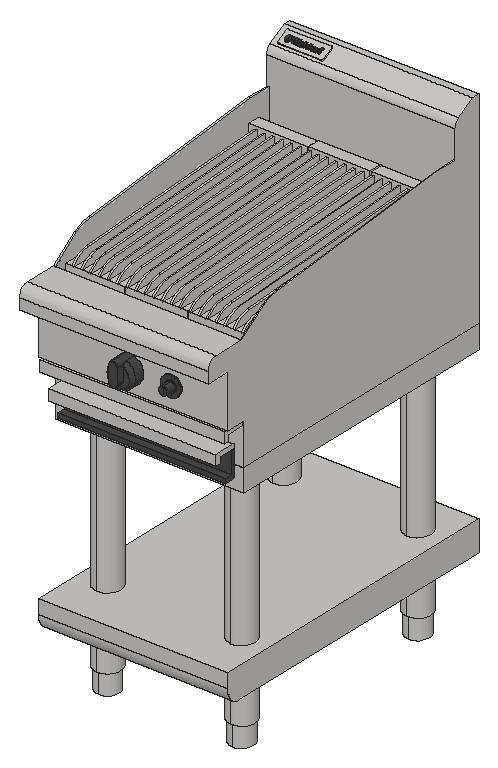
Revit family "QF_MOFFAT WALDORF_CH8450G-LS", category Specialty Equipment, Revit 2012
Parameters
  Weight in Pounds = 0
  URL Cutsheet = "www.moffat.com"
  URL = "www.moffat.com"
  Type Mark [instance] = ""
  Status [instance] = ""
  Specification by User [instance] = ""
  Specification by Manufacturer = ""
  Show Logo [instance] = yes
  Serial Number = ""
  Seismic Rating = ""
  SMACNA No = ""
  Revision Code [instance] = ""
  Omniclass Number and Title = ""
  NAFEM Spec ID Number = ""
  Model = "CH8450G-LS"
  Mechanical Remarks [instance] = ""
  Mechanical Connection Type [instance] = ""
  Masterspec = ""
  Manufacturer = "MOFFAT WALDORF"
  Item Number [instance] = ""
  Installed By [instance] = ""
  Identify Quantity as Lot [instance] = yes
  Gas Size = 3/4"
  Gas RI Height [instance] = 0 mm
  Gas KW [instance] = 14
  Gas Input [instance] = 45495.0 Btu/h
  Gas Connection Height = 0 mm
  Furnished By [instance] = ""
  Foodservice Equipment Identifier [instance] = yes
  Description = "CHARGRILL ON LEG STAND"
  CSI MasterFormat = ""
  CSI Master Format = ""
  Body Finish = QF_Finishes_Stainless Steel
Reference planes
  plane 1 "BACK": y = 0
  plane 2: z = 0
  plane 3 "LEFT": x = 0
  plane 4 "RIGHT": x = 450
  plane 5 "FRONT": y = -805
  plane 6 "TOP": z = 1130
  plane 7 "Center Y": x = 225
  plane 8 "Center X": y = -402.5
Forms (mm)
  Extrusion 1, solid, material "QF_Finishes_Stainless Steel" <- "Body Finish"
    sketch origin (0, 0, 0) x (0, 1, 0) y (0, 0, 1)
      loop
        line (0, 222.5) -> (-749, 222.5) -> (-749, 188)
        arc (-749, 188) -> (-737.87, 161.13) -> (-711, 150) r 38
        line (-711, 150) -> (0, 150) -> (0, 222.5)
      loop
        line (-805, 891) -> (-805, 866) -> (-749, 866) -> (-749, 740) -> (-699, 740) -> (-699, 640) -> (0, 640) -> (0, 1130) -> (-16.5, 1130) -> (-58.709, 1105.631)
        arc (-58.709, 1105.631) -> (-66.975, 1097.365) -> (-70, 1086.074) r 22.582
        line (-70, 1086.074) -> (-70, 875) -> (-705, 875) -> (-705, 915) -> (-781, 915)
        arc (-781, 915) -> (-797.971, 907.971) -> (-805, 891) r 24
      loop
        line (0, 585) -> (0, 639.206) -> (-699, 639.206) -> (-699, 585) -> (0, 585)
    from 0 to 450
  Revolve 2, solid, material "QF_Finishes_Stainless Steel" <- "Body Finish"
    sketch origin (385, -735, 0) x (0, 1, 0) y (0, 0, -1)
      loop
        line (78.25, -150) -> (110, -150) -> (110, 0) -> (82.5, 0) -> (82.5, -50) -> (78.25, -50) -> (78.25, -150)
      loop
        line (78.25, -222.5) -> (78.25, -585) -> (110, -585) -> (110, -222.5) -> (78.25, -222.5)
      axis (110, -585) -> (110, 0)
    angle from 0 to 360
  Revolve 3, solid, material "QF_Finishes_Stainless Steel" <- "Body Finish"
    sketch origin (385, -210, 0) x (0, 1, 0) y (0, 0, -1)
      loop
        line (78.25, -150) -> (110, -150) -> (110, 0) -> (82.5, 0) -> (82.5, -50) -> (78.25, -50) -> (78.25, -150)
      loop
        line (78.25, -222.5) -> (78.25, -585) -> (110, -585) -> (110, -222.5) -> (78.25, -222.5)
      axis (110, -585) -> (110, 0)
    angle from 0 to 360
  Revolve 4, solid, material "QF_Finishes_Stainless Steel" <- "Body Finish"
    sketch origin (65, -735, 0) x (0, 1, 0) y (0, 0, 1)
      loop
        line (78.25, 150) -> (78.25, 50) -> (82.5, 50) -> (82.5, 0) -> (110, 0) -> (110, 150) -> (78.25, 150)
      loop
        line (78.25, 222.5) -> (110, 222.5) -> (110, 585) -> (78.25, 585) -> (78.25, 222.5)
      axis (110, 585) -> (110, 0)
    angle from 0 to 360
  Revolve 5, solid, material "QF_Finishes_Stainless Steel" <- "Body Finish"
    sketch origin (65, -210, 0) x (0, 1, 0) y (0, 0, 1)
      loop
        line (78.25, 150) -> (78.25, 50) -> (82.5, 50) -> (82.5, 0) -> (110, 0) -> (110, 150) -> (78.25, 150)
      loop
        line (78.25, 222.5) -> (110, 222.5) -> (110, 585) -> (78.25, 585) -> (78.25, 222.5)
      axis (110, 585) -> (110, 0)
    angle from 0 to 360
  Extrusion 6, solid, material "QF_Finishes_Stainless Steel" <- "Body Finish"
    sketch origin (0, 0, 0) x (0, 1, 0) y (0, 0, 1)
      loop
        line (-121.455, 1019.2) -> (-600.057, 973.116)
        arc (-600.057, 973.116) -> (-620.977, 968.81) -> (-640.506, 960.159) r 100
        line (-640.506, 960.159) -> (-705, 915) -> (-705, 875) -> (-70, 875) -> (-70, 1019.2) -> (-121.455, 1019.2)
    from 0 to 4.5
  Extrusion 7, solid, material "QF_Finishes_Stainless Steel" <- "Body Finish"
    sketch origin (450, 0, 0) x (0, 1, 0) y (0, 0, -1)
      loop
        line (-121.455, -1019.2) -> (-70, -1019.2) -> (-70, -875) -> (-705, -875) -> (-705, -915) -> (-640.506, -960.159)
        arc (-640.506, -960.159) -> (-620.977, -968.81) -> (-600.057, -973.116) r 100
        line (-600.057, -973.116) -> (-121.455, -1019.2)
    from 0 to 3
  Revolve 8, solid, material "QF_Finishes_Black"
    sketch origin (225, 0, 0) x (0, 1, 0) y (0, 0, 1)
      loop
        line (-782, 829.5) -> (-793, 823.651) -> (-793, 797) -> (-749, 797) -> (-749, 802) -> (-759, 802) -> (-759, 829.5) -> (-782, 829.5)
      axis (-793, 797) -> (-749, 797)
    angle from 0 to 360
  Extrusion 9, solid, material "QF_Finishes_Black"
    sketch origin (86.887, 0, 0) x (1, 0, 0) y (0, 0, 1)
      loop
        line (148.3, 789) -> (148.3, 824)
        arc (148.3, 824) -> (138.3, 834) -> (128.3, 824) r 10
        line (128.3, 824) -> (128.3, 789)
        arc (128.3, 789) -> (138.3, 779) -> (148.3, 789) r 10
    from 759 to 808
  Revolve 10, solid, material "QF_Finishes_Black"
    sketch origin (325.187, 0, 0) x (0, 1, 0) y (0, 0, 1)
      loop
        line (-759, 802) -> (-759, 821) -> (-761.705, 821) -> (-761.705, 809.85) -> (-762.85, 809.85) -> (-762.85, 806.825) -> (-784.88, 806.825) -> (-784.88, 797) -> (-749, 797) -> (-749, 802) -> (-759, 802)
      axis (-749, 797) -> (-784.88, 797)
    angle from 0 to 360
  Extrusion 11, solid, material "QF_Finishes_Stainless Steel"
    sketch origin (276, 0, 0) x (0, 1, 0) y (0, 0, 1)
      loop
        line (-132, 910.364) -> (-132, 962.849) -> (-630.852, 932.53)
        arc (-630.852, 932.53) -> (-656.098, 925.97) -> (-677, 910.364) r 67.81
        line (-677, 910.364) -> (-132, 910.364)
    from 0 to 4.5
  Extrusion 12, solid, material "QF_Finishes_Stainless Steel"
    sketch origin (255, 0, 0) x (0, 1, 0) y (0, 0, 1)
      loop
        line (-132, 910.364) -> (-132, 962.849) -> (-630.852, 932.53)
        arc (-630.852, 932.53) -> (-656.098, 925.97) -> (-677, 910.364) r 67.81
        line (-677, 910.364) -> (-132, 910.364)
    from 0 to 4.5
  Extrusion 13, solid, material "QF_Finishes_Stainless Steel"
    sketch origin (234, 0, 0) x (0, 1, 0) y (0, 0, 1)
      loop
        line (-132, 910.364) -> (-132, 962.849) -> (-630.852, 932.53)
        arc (-630.852, 932.53) -> (-656.098, 925.97) -> (-677, 910.364) r 67.81
        line (-677, 910.364) -> (-132, 910.364)
    from 0 to 4.5
  Extrusion 14, solid, material "QF_Finishes_Stainless Steel"
    sketch origin (213, 0, 0) x (0, 1, 0) y (0, 0, 1)
      loop
        line (-132, 910.364) -> (-132, 962.849) -> (-630.852, 932.53)
        arc (-630.852, 932.53) -> (-656.098, 925.97) -> (-677, 910.364) r 67.81
        line (-677, 910.364) -> (-132, 910.364)
    from 0 to 4.5
  Extrusion 15, solid, material "QF_Finishes_Stainless Steel"
    sketch origin (192, 0, 0) x (0, 1, 0) y (0, 0, 1)
      loop
        line (-132, 910.364) -> (-132, 962.849) -> (-630.852, 932.53)
        arc (-630.852, 932.53) -> (-656.098, 925.97) -> (-677, 910.364) r 67.81
        line (-677, 910.364) -> (-132, 910.364)
    from 0 to 4.5
  Extrusion 16, solid, material "QF_Finishes_Stainless Steel"
    sketch origin (171, 0, 0) x (0, 1, 0) y (0, 0, 1)
      loop
        line (-132, 910.364) -> (-132, 962.849) -> (-630.852, 932.53)
        arc (-630.852, 932.53) -> (-656.098, 925.97) -> (-677, 910.364) r 67.81
        line (-677, 910.364) -> (-132, 910.364)
    from 0 to 4.5
  Extrusion 17, solid, material "QF_Finishes_Stainless Steel"
    sketch origin (150, 0, 0) x (0, 1, 0) y (0, 0, 1)
      loop
        line (-132, 910.364) -> (-132, 962.849) -> (-630.852, 932.53)
        arc (-630.852, 932.53) -> (-656.098, 925.97) -> (-677, 910.364) r 67.81
        line (-677, 910.364) -> (-132, 910.364)
    from 0 to 4.5
  Extrusion 18, solid, material "QF_Finishes_Stainless Steel"
    sketch origin (126, 0, 0) x (0, 1, 0) y (0, 0, 1)
      loop
        line (-132, 910.364) -> (-132, 962.849) -> (-630.852, 932.53)
        arc (-630.852, 932.53) -> (-656.098, 925.97) -> (-677, 910.364) r 67.81
        line (-677, 910.364) -> (-132, 910.364)
    from 0 to 4.5
  Extrusion 19, solid, material "QF_Finishes_Stainless Steel"
    sketch origin (105, 0, 0) x (0, 1, 0) y (0, 0, 1)
      loop
        line (-132, 910.364) -> (-132, 962.849) -> (-630.852, 932.53)
        arc (-630.852, 932.53) -> (-656.098, 925.97) -> (-677, 910.364) r 67.81
        line (-677, 910.364) -> (-132, 910.364)
    from 0 to 4.5
  Extrusion 20, solid, material "QF_Finishes_Stainless Steel"
    sketch origin (84, 0, 0) x (0, 1, 0) y (0, 0, 1)
      loop
        line (-132, 910.364) -> (-132, 962.849) -> (-630.852, 932.53)
        arc (-630.852, 932.53) -> (-656.098, 925.97) -> (-677, 910.364) r 67.81
        line (-677, 910.364) -> (-132, 910.364)
    from 0 to 4.5
  Extrusion 21, solid, material "QF_Finishes_Stainless Steel"
    sketch origin (63, 0, 0) x (0, 1, 0) y (0, 0, 1)
      loop
        line (-132, 910.364) -> (-132, 962.849) -> (-630.852, 932.53)
        arc (-630.852, 932.53) -> (-656.098, 925.97) -> (-677, 910.364) r 67.81
        line (-677, 910.364) -> (-132, 910.364)
    from 0 to 4.5
  Extrusion 22, solid, material "QF_Finishes_Stainless Steel"
    sketch origin (42, 0, 0) x (0, 1, 0) y (0, 0, 1)
      loop
        line (-132, 910.364) -> (-132, 962.849) -> (-630.852, 932.53)
        arc (-630.852, 932.53) -> (-656.098, 925.97) -> (-677, 910.364) r 67.81
        line (-677, 910.364) -> (-132, 910.364)
    from 0 to 4.5
  Extrusion 23, solid, material "QF_Finishes_Stainless Steel"
    sketch origin (21, 0, 0) x (0, 1, 0) y (0, 0, 1)
      loop
        line (-132, 910.364) -> (-132, 962.849) -> (-630.852, 932.53)
        arc (-630.852, 932.53) -> (-656.098, 925.97) -> (-677, 910.364) r 67.81
        line (-677, 910.364) -> (-132, 910.364)
    from 0 to 4.5
  Extrusion 24, solid, material "QF_Finishes_Stainless Steel"
    sketch origin (426, 0, 0) x (0, 1, 0) y (0, 0, 1)
      loop
        line (-132, 910.364) -> (-132, 962.849) -> (-630.852, 932.53)
        arc (-630.852, 932.53) -> (-656.098, 925.97) -> (-677, 910.364) r 67.81
        line (-677, 910.364) -> (-132, 910.364)
    from 0 to 4.5
  Extrusion 25, solid, material "QF_Finishes_Stainless Steel"
    sketch origin (405, 0, 0) x (0, 1, 0) y (0, 0, 1)
      loop
        line (-132, 910.364) -> (-132, 962.849) -> (-630.852, 932.53)
        arc (-630.852, 932.53) -> (-656.098, 925.97) -> (-677, 910.364) r 67.81
        line (-677, 910.364) -> (-132, 910.364)
    from 0 to 4.5
  Extrusion 26, solid, material "QF_Finishes_Stainless Steel"
    sketch origin (384, 0, 0) x (0, 1, 0) y (0, 0, 1)
      loop
        line (-132, 910.364) -> (-132, 962.849) -> (-630.852, 932.53)
        arc (-630.852, 932.53) -> (-656.098, 925.97) -> (-677, 910.364) r 67.81
        line (-677, 910.364) -> (-132, 910.364)
    from 0 to 4.5
  Extrusion 27, solid, material "QF_Finishes_Stainless Steel"
    sketch origin (363, 0, 0) x (0, 1, 0) y (0, 0, 1)
      loop
        line (-132, 910.364) -> (-132, 962.849) -> (-630.852, 932.53)
        arc (-630.852, 932.53) -> (-656.098, 925.97) -> (-677, 910.364) r 67.81
        line (-677, 910.364) -> (-132, 910.364)
    from 0 to 4.5
  Extrusion 28, solid, material "QF_Finishes_Stainless Steel"
    sketch origin (342, 0, 0) x (0, 1, 0) y (0, 0, 1)
      loop
        line (-132, 910.364) -> (-132, 962.849) -> (-630.852, 932.53)
        arc (-630.852, 932.53) -> (-656.098, 925.97) -> (-677, 910.364) r 67.81
        line (-677, 910.364) -> (-132, 910.364)
    from 0 to 4.5
  Extrusion 29, solid, material "QF_Finishes_Stainless Steel"
    sketch origin (321, 0, 0) x (0, 1, 0) y (0, 0, 1)
      loop
        line (-132, 910.364) -> (-132, 962.849) -> (-630.852, 932.53)
        arc (-630.852, 932.53) -> (-656.098, 925.97) -> (-677, 910.364) r 67.81
        line (-677, 910.364) -> (-132, 910.364)
    from 0 to 4.5
  Extrusion 30, solid, material "QF_Finishes_Stainless Steel"
    sketch origin (300, 0, 0) x (0, 1, 0) y (0, 0, 1)
      loop
        line (-132, 910.364) -> (-132, 962.849) -> (-630.852, 932.53)
        arc (-630.852, 932.53) -> (-656.098, 925.97) -> (-677, 910.364) r 67.81
        line (-677, 910.364) -> (-132, 910.364)
    from 0 to 4.5
  Extrusion 31, solid, material "QF_Finishes_Stainless Steel"
    sketch origin (76, 3, 0) x (1, 0, 0) y (0, 1, 0)
      loop
        circle (140, -35) r 13.5
    from 555 to 585
  Extrusion 32, solid, material "QF_Finishes_Black"
    sketch origin (1, 0, 0) x (0, 1, 0) y (0, 0, 1)
      loop
        line (-704, 671.797) -> (-704, 618.047) -> (-724, 618.047) -> (-724, 608.047) -> (-685.346, 608.047) -> (-685.346, 671.797) -> (-704, 671.797)
    from 24.12 to 424
  Extrusion 33, solid, material "QF_Finishes_Stainless Steel"
    sketch origin (0, 0, 0) x (0, 1, 0) y (0, 0, 1)
      loop
        line (-751.27, 711.219) -> (-741.27, 711.219) -> (-741.27, 726.219) -> (-699, 726.219) -> (-699, 736.219) -> (-751.27, 736.219) -> (-751.27, 711.219)
    from 5.013 to 445
  Extrusion 34, solid, material "QF_Finishes_Stainless Steel"
    sketch origin (0, 0, -54.422) x (0, 1, 0) y (0, 0, 1)
      loop
        line (-751.27, 711.219) -> (-741.27, 711.219) -> (-741.27, 726.219) -> (-685.346, 726.219) -> (-685.346, 736.219) -> (-751.27, 736.219) -> (-751.27, 711.219)
    from 25.12 to 425
  Extrusion 35, solid, material "QF_Finishes_Stainless Steel"
    sketch origin (0, 0, 0) x (0, 1, 0) y (0, 0, 1)
      loop
        line (-132, 910.364) -> (-677, 910.364) -> (-677, 875) -> (-102, 875) -> (-102, 970) -> (-132, 970) -> (-132, 910.364)
    from 4.5 to 147
  Extrusion 36, solid, material "QF_Finishes_Stainless Steel"
    sketch origin (145.5, 0, 0) x (0, 1, 0) y (0, 0, 1)
      loop
        line (-132, 910.364) -> (-677, 910.364) -> (-677, 875) -> (-102, 875) -> (-102, 970) -> (-132, 970) -> (-132, 910.364)
    from 4.5 to 151.5
  Extrusion 37, solid, material "QF_Finishes_Stainless Steel"
    sketch origin (295.5, 0, 0) x (0, 1, 0) y (0, 0, 1)
      loop
        line (-132, 910.364) -> (-677, 910.364) -> (-677, 875) -> (-102, 875) -> (-102, 970) -> (-132, 970) -> (-132, 910.364)
    from 4.5 to 151.5
Cuts and joins
  joined: Revolve 8, Extrusion 9
  joined: Extrusion 1, Extrusion 6, Extrusion 7
Lines and regions (mm)
  Split face 1
    outline origin (450, -699, 740) x (-1, 0, 0) y (0, 0, -1)
      loop
        line (424.88, 98.75) -> (24.993, 98.75) -> (24.993, 1.25) -> (424.88, 1.25) -> (424.88, 98.75)
  symbolic lines
    curve 1: line (0, 0, 0) -> (0, -805, 0)
    curve 2: line (450, 0, 0) -> (0, 0, 0)
    curve 3: line (450, -805, 0) -> (450, 0, 0)
    curve 4: line (0, -70, 0) -> (450, -70, 0)
    curve 5: line (0, -805, 0) -> (450, -805, 0)
    curve 6: line (12.5, -51.234, 0) -> (12.5, -20.958, 0)
    curve 7: line (12.5, -20.958, 0) -> (121.5, -20.958, 0)
    curve 8: line (12.5, -51.234, 0) -> (121.5, -51.234, 0)
    curve 9: line (121.5, -20.958, 0) -> (121.5, -51.234, 0)
    curve 10: line (447, -705, 0) -> (4.5, -705, 0)
    curve 11: line (4.5, -705, 0) -> (4.5, -70, 0)
    curve 12: line (447, -70, 0) -> (447, -705, 0)
Dimensions and locks
  plane 3 "LEFT" to plane 7 "Center Y" to plane 4 "RIGHT" = 225 mm, 225 mm
  plane 3 "LEFT" to plane 4 "RIGHT" = 450 mm
  equal spacing: plane 5 "FRONT", plane 8 "Center X", plane 1 "BACK"
  plane 5 "FRONT" to plane 1 "BACK" = 805 mm  (x2)
  equal spacing: plane 4 "RIGHT", plane 7 "Center Y", plane 3 "LEFT"
  plane 4 "RIGHT" to plane 3 "LEFT" = 450 mm
  plane 6 "TOP" to level = 1130 mm
  cut or joined group of Extrusion 1, Extrusion 6, Extrusion 7 to level = 915 mm
  Extrusion 31 to level = 555 mm
  cut or joined group of Extrusion 1, Extrusion 6, Extrusion 7 to level = 150 mm
  Extrusion 31 to plane 1 "BACK" = 32 mm
  cut or joined group of Extrusion 1, Extrusion 6, Extrusion 7 to plane 1 "BACK" = 70 mm
  aligned and locked: level to plane 2
  aligned and locked: curve 3 to plane 4 "RIGHT"
  aligned and locked: Extrusion 32 to Extrusion 34
Automatic sketch dimensions
  plane 1 "BACK" to curve 1 = 0 mm
  curve 1 to plane 3 "LEFT" = 0 mm
  plane 5 "FRONT" to curve 5 = 0 mm
  plane 3 "LEFT" to curve 8 = 12.5 mm
  plane 1 "BACK" to curve 9 = 20.958 mm
  curve 6 to curve 9 = 109 mm
  curve 4 to curve 6 = 49.042 mm
  curve 4 to curve 6 = 18.766 mm
  Extrusion 1 sketch curve to plane 5 "FRONT" = 0 mm
  Extrusion 1 sketch curve to plane 6 "TOP" = 0 mm
  Extrusion 1 sketch curve to plane 1 "BACK" = 0 mm  (x3)
  Extrusion 1 sketch curve to Extrusion 1 sketch curve = 24 mm
  Extrusion 1 sketch curve to plane 5 "FRONT" = 56 mm  (x2)
  Extrusion 1 sketch curve to Extrusion 1 sketch curve = 38 mm
  Extrusion 1 sketch curve to Extrusion 1 sketch curve = 44 mm
  Extrusion 1 sketch curve to Extrusion 1 sketch curve = 50 mm
  Extrusion 1 sketch curve to Extrusion 1 sketch curve = 0 mm
  plane 1 "BACK" to Extrusion 1 sketch curve = 70 mm
  Extrusion 1 sketch curve to Extrusion 1 sketch curve = 11.291 mm
  Extrusion 1 sketch curve to Extrusion 1 sketch curve = 22.582 mm
  plane 1 "BACK" to Extrusion 1 sketch curve = 16.5 mm
  Extrusion 1 sketch curve to plane 6 "TOP" = 24.369 mm
  Extrusion 1 sketch curve to plane 6 "TOP" = 215 mm
  Extrusion 1 sketch curve to Extrusion 1 sketch curve = 211.074 mm
  Extrusion 1 sketch curve to Extrusion 1 sketch curve = 25 mm
  Extrusion 1 sketch curve to Extrusion 1 sketch curve = 135 mm
  Extrusion 1 sketch curve to Extrusion 1 sketch curve = 100 mm
  Extrusion 1 sketch curve to Extrusion 1 sketch curve = 0.794 mm
  Extrusion 1 sketch curve to Extrusion 1 sketch curve = 54.206 mm
  level to Extrusion 1 sketch curve = 222.5 mm
  Extrusion 1 sketch curve to Extrusion 1 sketch curve = 34.5 mm
  Revolve 2 sketch curve to level = 0 mm
  Revolve 2 sketch curve to plane 5 "FRONT" = 148.25 mm
  Revolve 2 sketch curve to Revolve 2 sketch curve = 0 mm  (x3)
  Revolve 2 sketch curve to Revolve 2 sketch curve = 4.25 mm
  Revolve 2 sketch curve to Revolve 2 sketch curve = 31.75 mm  (x2)
  level to Revolve 2 sketch curve = 50 mm
  Revolve 2 sketch curve to Revolve 2 sketch curve = 100 mm
  Revolve 2 sketch curve to Revolve 2 sketch curve = 72.5 mm
  Revolve 2 sketch curve to Revolve 2 sketch curve = 362.5 mm
  Revolve 2 sketch curve to Revolve 2 sketch curve = 55 mm
  Revolve 3 sketch curve to level = 0 mm
  plane 1 "BACK" to Revolve 3 sketch curve = 131.75 mm
  Revolve 3 sketch curve to Revolve 3 sketch curve = 0 mm  (x3)
  Revolve 3 sketch curve to Revolve 3 sketch curve = 4.25 mm
  Revolve 3 sketch curve to Revolve 3 sketch curve = 31.75 mm  (x2)
  level to Revolve 3 sketch curve = 50 mm
  Revolve 3 sketch curve to Revolve 3 sketch curve = 100 mm
  Revolve 3 sketch curve to Revolve 3 sketch curve = 72.5 mm
  Revolve 3 sketch curve to Revolve 3 sketch curve = 362.5 mm
  Revolve 3 sketch curve to Revolve 3 sketch curve = 55 mm
  Revolve 4 sketch curve to level = 0 mm
  Revolve 4 sketch curve to plane 5 "FRONT" = 148.25 mm
  Revolve 4 sketch curve to Revolve 4 sketch curve = 0 mm  (x3)
  Revolve 4 sketch curve to Revolve 4 sketch curve = 4.25 mm
  Revolve 4 sketch curve to Revolve 4 sketch curve = 31.75 mm  (x2)
  Revolve 4 sketch curve to Revolve 4 sketch curve = 55 mm
  level to Revolve 4 sketch curve = 50 mm
  Revolve 4 sketch curve to Revolve 4 sketch curve = 100 mm
  Revolve 4 sketch curve to Revolve 4 sketch curve = 72.5 mm
  Revolve 4 sketch curve to Revolve 4 sketch curve = 362.5 mm
  Revolve 5 sketch curve to level = 0 mm
  plane 1 "BACK" to Revolve 5 sketch curve = 131.75 mm
  Revolve 5 sketch curve to Revolve 5 sketch curve = 0 mm  (x3)
  Revolve 5 sketch curve to Revolve 5 sketch curve = 4.25 mm
  Revolve 5 sketch curve to Revolve 5 sketch curve = 31.75 mm  (x2)
  Revolve 5 sketch curve to Revolve 5 sketch curve = 55 mm
  level to Revolve 5 sketch curve = 50 mm
  Revolve 5 sketch curve to Revolve 5 sketch curve = 100 mm
  Revolve 5 sketch curve to Revolve 5 sketch curve = 72.5 mm
  Revolve 5 sketch curve to Revolve 5 sketch curve = 362.5 mm
  Extrusion 6 sketch curve to plane 5 "FRONT" = 100 mm
  Extrusion 6 sketch curve to Extrusion 6 sketch curve = 64.494 mm
  Extrusion 6 sketch curve to Extrusion 6 sketch curve = 40.449 mm
  Extrusion 6 sketch curve to Extrusion 6 sketch curve = 9.585 mm
  plane 1 "BACK" to Extrusion 6 sketch curve = 121.455 mm
  Extrusion 6 sketch curve to Extrusion 6 sketch curve = 51.455 mm
  Extrusion 6 sketch curve to plane 6 "TOP" = 256.424 mm
  Extrusion 6 sketch curve to Extrusion 6 sketch curve = 1.424 mm
  Extrusion 6 sketch curve to Extrusion 6 sketch curve = 40 mm
  Extrusion 6 sketch curve to Extrusion 6 sketch curve = 45.159 mm
  Extrusion 6 sketch curve to plane 6 "TOP" = 110.8 mm
  Extrusion 7 sketch curve to plane 5 "FRONT" = 100 mm
  Extrusion 7 sketch curve to Extrusion 7 sketch curve = 64.494 mm
  Extrusion 7 sketch curve to Extrusion 7 sketch curve = 40.449 mm
  Extrusion 7 sketch curve to Extrusion 7 sketch curve = 9.585 mm
  plane 1 "BACK" to Extrusion 7 sketch curve = 121.455 mm
  Extrusion 7 sketch curve to Extrusion 7 sketch curve = 51.455 mm
  Extrusion 7 sketch curve to plane 6 "TOP" = 110.8 mm
  Extrusion 7 sketch curve to plane 6 "TOP" = 156.884 mm
  Extrusion 7 sketch curve to Extrusion 7 sketch curve = 12.957 mm
  Extrusion 7 sketch curve to Extrusion 7 sketch curve = 45.159 mm
  Extrusion 7 sketch curve to Extrusion 7 sketch curve = 40 mm
  Revolve 8 sketch curve to plane 5 "FRONT" = 12 mm
  Revolve 8 sketch curve to Revolve 8 sketch curve = 0 mm  (x2)
  Revolve 8 sketch curve to Revolve 8 sketch curve = 11 mm
  Revolve 8 sketch curve to Revolve 8 sketch curve = 12.7 mm
  Revolve 8 sketch curve to Revolve 8 sketch curve = 23 mm
  Revolve 8 sketch curve to Revolve 8 sketch curve = 10 mm
  Revolve 8 sketch curve to plane 6 "TOP" = 333 mm
  Revolve 8 sketch curve to Revolve 8 sketch curve = 5 mm
  Revolve 8 sketch curve to Revolve 8 sketch curve = 26.651 mm
  Revolve 8 sketch curve to Revolve 8 sketch curve = 5.849 mm
  plane 3 "LEFT" to Extrusion 9 sketch curve = 215.187 mm
  Extrusion 9 sketch curve to Extrusion 9 sketch curve = 10 mm
  Extrusion 9 sketch curve to plane 6 "TOP" = 341 mm
  Extrusion 9 sketch curve to Extrusion 9 sketch curve = 35 mm
  Revolve 10 sketch curve to plane 5 "FRONT" = 20.12 mm
  Revolve 10 sketch curve to Revolve 10 sketch curve = 6.83 mm
  Revolve 10 sketch curve to Revolve 10 sketch curve = 15.2 mm
  Revolve 10 sketch curve to Revolve 10 sketch curve = 1.144 mm
  Revolve 10 sketch curve to Revolve 10 sketch curve = 3.85 mm
  Revolve 10 sketch curve to Revolve 10 sketch curve = 0 mm  (x2)
  Revolve 10 sketch curve to Revolve 10 sketch curve = 10 mm
  Revolve 10 sketch curve to plane 6 "TOP" = 333 mm
  Revolve 10 sketch curve to Revolve 10 sketch curve = 5 mm
  Revolve 10 sketch curve to Revolve 10 sketch curve = 4.825 mm
  Revolve 10 sketch curve to Revolve 10 sketch curve = 3.025 mm
  Revolve 10 sketch curve to Revolve 10 sketch curve = 11.15 mm
  Extrusion 11 sketch curve to plane 5 "FRONT" = 128 mm
  Extrusion 11 sketch curve to Extrusion 11 sketch curve = 46.148 mm
  Extrusion 11 sketch curve to Extrusion 11 sketch curve = 4.114 mm
  plane 1 "BACK" to Extrusion 11 sketch curve = 132 mm
  Extrusion 11 sketch curve to plane 6 "TOP" = 265.155 mm
  Extrusion 11 sketch curve to plane 6 "TOP" = 219.636 mm
  Extrusion 11 sketch curve to Extrusion 11 sketch curve = 52.486 mm
  Extrusion 12 sketch curve to plane 5 "FRONT" = 128 mm
  Extrusion 12 sketch curve to Extrusion 12 sketch curve = 46.148 mm
  Extrusion 12 sketch curve to Extrusion 12 sketch curve = 4.114 mm
  plane 1 "BACK" to Extrusion 12 sketch curve = 132 mm
  Extrusion 12 sketch curve to plane 6 "TOP" = 265.155 mm
  Extrusion 12 sketch curve to plane 6 "TOP" = 219.636 mm
  Extrusion 12 sketch curve to Extrusion 12 sketch curve = 52.486 mm
  Extrusion 13 sketch curve to plane 5 "FRONT" = 128 mm
  Extrusion 13 sketch curve to Extrusion 13 sketch curve = 46.148 mm
  Extrusion 13 sketch curve to Extrusion 13 sketch curve = 4.114 mm
  plane 1 "BACK" to Extrusion 13 sketch curve = 132 mm
  Extrusion 13 sketch curve to plane 6 "TOP" = 265.155 mm
  Extrusion 13 sketch curve to plane 6 "TOP" = 219.636 mm
  Extrusion 13 sketch curve to Extrusion 13 sketch curve = 52.486 mm
  Extrusion 14 sketch curve to plane 5 "FRONT" = 128 mm
  Extrusion 14 sketch curve to Extrusion 14 sketch curve = 46.148 mm
  Extrusion 14 sketch curve to Extrusion 14 sketch curve = 4.114 mm
  plane 1 "BACK" to Extrusion 14 sketch curve = 132 mm
  Extrusion 14 sketch curve to plane 6 "TOP" = 265.155 mm
  Extrusion 14 sketch curve to plane 6 "TOP" = 219.636 mm
  Extrusion 14 sketch curve to Extrusion 14 sketch curve = 52.486 mm
  Extrusion 15 sketch curve to plane 5 "FRONT" = 128 mm
  Extrusion 15 sketch curve to Extrusion 15 sketch curve = 46.148 mm
  Extrusion 15 sketch curve to Extrusion 15 sketch curve = 4.114 mm
  plane 1 "BACK" to Extrusion 15 sketch curve = 132 mm
  Extrusion 15 sketch curve to plane 6 "TOP" = 265.155 mm
  Extrusion 15 sketch curve to plane 6 "TOP" = 219.636 mm
  Extrusion 15 sketch curve to Extrusion 15 sketch curve = 52.486 mm
  Extrusion 16 sketch curve to plane 5 "FRONT" = 128 mm
  Extrusion 16 sketch curve to Extrusion 16 sketch curve = 46.148 mm
  Extrusion 16 sketch curve to Extrusion 16 sketch curve = 4.114 mm
  plane 1 "BACK" to Extrusion 16 sketch curve = 132 mm
  Extrusion 16 sketch curve to plane 6 "TOP" = 265.155 mm
  Extrusion 16 sketch curve to plane 6 "TOP" = 219.636 mm
  Extrusion 16 sketch curve to Extrusion 16 sketch curve = 52.486 mm
  Extrusion 17 sketch curve to plane 5 "FRONT" = 128 mm
  Extrusion 17 sketch curve to Extrusion 17 sketch curve = 46.148 mm
  Extrusion 17 sketch curve to Extrusion 17 sketch curve = 4.114 mm
  plane 1 "BACK" to Extrusion 17 sketch curve = 132 mm
  Extrusion 17 sketch curve to plane 6 "TOP" = 265.155 mm
  Extrusion 17 sketch curve to plane 6 "TOP" = 219.636 mm
  Extrusion 17 sketch curve to Extrusion 17 sketch curve = 52.486 mm
  Extrusion 18 sketch curve to plane 5 "FRONT" = 128 mm
  Extrusion 18 sketch curve to Extrusion 18 sketch curve = 46.148 mm
  Extrusion 18 sketch curve to Extrusion 18 sketch curve = 4.114 mm
  plane 1 "BACK" to Extrusion 18 sketch curve = 132 mm
  Extrusion 18 sketch curve to plane 6 "TOP" = 265.155 mm
  Extrusion 18 sketch curve to plane 6 "TOP" = 219.636 mm
  Extrusion 18 sketch curve to Extrusion 18 sketch curve = 52.486 mm
  Extrusion 19 sketch curve to plane 5 "FRONT" = 128 mm
  Extrusion 19 sketch curve to Extrusion 19 sketch curve = 46.148 mm
  Extrusion 19 sketch curve to Extrusion 19 sketch curve = 4.114 mm
  plane 1 "BACK" to Extrusion 19 sketch curve = 132 mm
  Extrusion 19 sketch curve to plane 6 "TOP" = 265.155 mm
  Extrusion 19 sketch curve to plane 6 "TOP" = 219.636 mm
  Extrusion 19 sketch curve to Extrusion 19 sketch curve = 52.486 mm
  Extrusion 20 sketch curve to plane 5 "FRONT" = 128 mm
  Extrusion 20 sketch curve to Extrusion 20 sketch curve = 46.148 mm
  Extrusion 20 sketch curve to Extrusion 20 sketch curve = 4.114 mm
  plane 1 "BACK" to Extrusion 20 sketch curve = 132 mm
  Extrusion 20 sketch curve to plane 6 "TOP" = 265.155 mm
  Extrusion 20 sketch curve to plane 6 "TOP" = 219.636 mm
  Extrusion 20 sketch curve to Extrusion 20 sketch curve = 52.486 mm
  Extrusion 21 sketch curve to plane 5 "FRONT" = 128 mm
  Extrusion 21 sketch curve to Extrusion 21 sketch curve = 46.148 mm
  Extrusion 21 sketch curve to Extrusion 21 sketch curve = 4.114 mm
  plane 1 "BACK" to Extrusion 21 sketch curve = 132 mm
  Extrusion 21 sketch curve to plane 6 "TOP" = 265.155 mm
  Extrusion 21 sketch curve to plane 6 "TOP" = 219.636 mm
  Extrusion 21 sketch curve to Extrusion 21 sketch curve = 52.486 mm
  Extrusion 22 sketch curve to plane 5 "FRONT" = 128 mm
  Extrusion 22 sketch curve to Extrusion 22 sketch curve = 46.148 mm
  Extrusion 22 sketch curve to Extrusion 22 sketch curve = 4.114 mm
  plane 1 "BACK" to Extrusion 22 sketch curve = 132 mm
  Extrusion 22 sketch curve to plane 6 "TOP" = 265.155 mm
  Extrusion 22 sketch curve to plane 6 "TOP" = 219.636 mm
  Extrusion 22 sketch curve to Extrusion 22 sketch curve = 52.486 mm
  Extrusion 23 sketch curve to plane 5 "FRONT" = 128 mm
  Extrusion 23 sketch curve to Extrusion 23 sketch curve = 46.148 mm
  Extrusion 23 sketch curve to Extrusion 23 sketch curve = 4.114 mm
  plane 1 "BACK" to Extrusion 23 sketch curve = 132 mm
  Extrusion 23 sketch curve to plane 6 "TOP" = 265.155 mm
  Extrusion 23 sketch curve to plane 6 "TOP" = 219.636 mm
  Extrusion 23 sketch curve to Extrusion 23 sketch curve = 52.486 mm
  Extrusion 24 sketch curve to plane 5 "FRONT" = 128 mm
  Extrusion 24 sketch curve to Extrusion 24 sketch curve = 46.148 mm
  Extrusion 24 sketch curve to Extrusion 24 sketch curve = 4.114 mm
  plane 1 "BACK" to Extrusion 24 sketch curve = 132 mm
  Extrusion 24 sketch curve to plane 6 "TOP" = 265.155 mm
  Extrusion 24 sketch curve to plane 6 "TOP" = 219.636 mm
  Extrusion 24 sketch curve to Extrusion 24 sketch curve = 52.486 mm
  Extrusion 25 sketch curve to plane 5 "FRONT" = 128 mm
  Extrusion 25 sketch curve to Extrusion 25 sketch curve = 46.148 mm
  Extrusion 25 sketch curve to Extrusion 25 sketch curve = 4.114 mm
  plane 1 "BACK" to Extrusion 25 sketch curve = 132 mm
  Extrusion 25 sketch curve to plane 6 "TOP" = 265.155 mm
  Extrusion 25 sketch curve to plane 6 "TOP" = 219.636 mm
  Extrusion 25 sketch curve to Extrusion 25 sketch curve = 52.486 mm
  Extrusion 26 sketch curve to plane 5 "FRONT" = 128 mm
  Extrusion 26 sketch curve to Extrusion 26 sketch curve = 46.148 mm
  Extrusion 26 sketch curve to Extrusion 26 sketch curve = 4.114 mm
  plane 1 "BACK" to Extrusion 26 sketch curve = 132 mm
  Extrusion 26 sketch curve to plane 6 "TOP" = 265.155 mm
  Extrusion 26 sketch curve to plane 6 "TOP" = 219.636 mm
  Extrusion 26 sketch curve to Extrusion 26 sketch curve = 52.486 mm
  Extrusion 27 sketch curve to plane 5 "FRONT" = 128 mm
  Extrusion 27 sketch curve to Extrusion 27 sketch curve = 46.148 mm
  Extrusion 27 sketch curve to Extrusion 27 sketch curve = 4.114 mm
  plane 1 "BACK" to Extrusion 27 sketch curve = 132 mm
  Extrusion 27 sketch curve to plane 6 "TOP" = 265.155 mm
  Extrusion 27 sketch curve to plane 6 "TOP" = 219.636 mm
  Extrusion 27 sketch curve to Extrusion 27 sketch curve = 52.486 mm
  Extrusion 28 sketch curve to plane 5 "FRONT" = 128 mm
  Extrusion 28 sketch curve to Extrusion 28 sketch curve = 46.148 mm
  Extrusion 28 sketch curve to Extrusion 28 sketch curve = 4.114 mm
  plane 1 "BACK" to Extrusion 28 sketch curve = 132 mm
  Extrusion 28 sketch curve to plane 6 "TOP" = 265.155 mm
  Extrusion 28 sketch curve to plane 6 "TOP" = 219.636 mm
  Extrusion 28 sketch curve to Extrusion 28 sketch curve = 52.486 mm
  Extrusion 29 sketch curve to plane 5 "FRONT" = 128 mm
  Extrusion 29 sketch curve to Extrusion 29 sketch curve = 46.148 mm
  Extrusion 29 sketch curve to Extrusion 29 sketch curve = 4.114 mm
  plane 1 "BACK" to Extrusion 29 sketch curve = 132 mm
  Extrusion 29 sketch curve to plane 6 "TOP" = 265.155 mm
  Extrusion 29 sketch curve to plane 6 "TOP" = 219.636 mm
  Extrusion 29 sketch curve to Extrusion 29 sketch curve = 52.486 mm
  Extrusion 30 sketch curve to plane 5 "FRONT" = 128 mm
  Extrusion 30 sketch curve to Extrusion 30 sketch curve = 46.148 mm
  Extrusion 30 sketch curve to Extrusion 30 sketch curve = 4.114 mm
  plane 1 "BACK" to Extrusion 30 sketch curve = 132 mm
  Extrusion 30 sketch curve to plane 6 "TOP" = 265.155 mm
  Extrusion 30 sketch curve to plane 6 "TOP" = 219.636 mm
  Extrusion 30 sketch curve to Extrusion 30 sketch curve = 52.486 mm
  plane 1 "BACK" to Extrusion 31 sketch curve = 32 mm
  Extrusion 31 sketch curve to plane 7 "Center Y" = 9 mm
  Extrusion 32 sketch curve to plane 5 "FRONT" = 81 mm
  Extrusion 32 sketch curve to Extrusion 32 sketch curve = 20 mm
  Extrusion 32 sketch curve to Extrusion 32 sketch curve = 18.654 mm
  Extrusion 32 sketch curve to plane 6 "TOP" = 521.953 mm
  Extrusion 32 sketch curve to Extrusion 32 sketch curve = 10 mm
  Extrusion 32 sketch curve to Extrusion 32 sketch curve = 53.75 mm
  Extrusion 33 sketch curve to plane 5 "FRONT" = 53.73 mm
  Extrusion 33 sketch curve to Extrusion 33 sketch curve = 10 mm  (x2)
  Extrusion 33 sketch curve to Extrusion 33 sketch curve = 42.27 mm
  Extrusion 33 sketch curve to plane 6 "TOP" = 418.781 mm
  Extrusion 33 sketch curve to Extrusion 33 sketch curve = 15 mm
  Split face 1 sketch curve to cut or joined group of Extrusion 1, Extrusion 6, Extrusion 7 = 1.25 mm
  Split face 1 sketch curve to cut or joined group of Extrusion 1, Extrusion 6, Extrusion 7 = 24.993 mm
  cut or joined group of Extrusion 1, Extrusion 6, Extrusion 7 to Split face 1 sketch curve = 1.25 mm
  Split face 1 sketch curve to cut or joined group of Extrusion 1, Extrusion 6, Extrusion 7 = 25.12 mm
  Extrusion 34 sketch curve to plane 5 "FRONT" = 53.73 mm
  Extrusion 34 sketch curve to Extrusion 34 sketch curve = 10 mm  (x2)
  Extrusion 34 sketch curve to Extrusion 34 sketch curve = 55.924 mm
  Extrusion 34 sketch curve to plane 6 "TOP" = 473.203 mm
  Extrusion 34 sketch curve to Extrusion 34 sketch curve = 15 mm
  Extrusion 35 sketch curve to plane 5 "FRONT" = 128 mm
  plane 1 "BACK" to Extrusion 35 sketch curve = 132 mm
  Extrusion 35 sketch curve to Extrusion 35 sketch curve = 30 mm
  Extrusion 35 sketch curve to plane 6 "TOP" = 255 mm
  Extrusion 35 sketch curve to Extrusion 35 sketch curve = 35.364 mm
  Extrusion 35 sketch curve to Extrusion 35 sketch curve = 59.636 mm
  Extrusion 36 sketch curve to plane 5 "FRONT" = 128 mm
  plane 1 "BACK" to Extrusion 36 sketch curve = 132 mm
  Extrusion 36 sketch curve to Extrusion 36 sketch curve = 30 mm
  Extrusion 36 sketch curve to plane 6 "TOP" = 255 mm
  Extrusion 36 sketch curve to Extrusion 36 sketch curve = 35.364 mm
  Extrusion 36 sketch curve to Extrusion 36 sketch curve = 59.636 mm
  Extrusion 37 sketch curve to plane 5 "FRONT" = 128 mm
  plane 1 "BACK" to Extrusion 37 sketch curve = 132 mm
  Extrusion 37 sketch curve to Extrusion 37 sketch curve = 30 mm
  Extrusion 37 sketch curve to plane 6 "TOP" = 255 mm
  Extrusion 37 sketch curve to Extrusion 37 sketch curve = 35.364 mm
  Extrusion 37 sketch curve to Extrusion 37 sketch curve = 59.636 mm
  plane 3 "LEFT" to curve 11 = 4.5 mm
  plane 4 "RIGHT" to curve 10 = 3 mm
  curve 10 to plane 5 "FRONT" = 100 mm
  radius of Extrusion 31 sketch curve = 13.5 mm
Nested families
  nested 1: "WALDORF LOGO_FACE BASE" at (12.5, -24.376, 1125.453) x (1, 0, 0) z (0, -0.5, 0.866), visible <- "Show Logo", type "WALDORF LOGO_FACE BASE", detail levels medium+fine
    with Show Logo yes
Connectors
  piping at (216, -32, 555)
    settings: on Extrusion 31, index 1, connector radius 0.37402", flow factor 0, pipe flow 0 GPM, pressure drop 0.00 psi, fitting loss kfactor 0, connector angle 0.00°, fixture units 0, engagement length 0 mm, flow configuration 1, flow direction 1, fitting loss method 0, system type 7, joint type 0, gender type 0, connector reference index -1, connector utility 0, adjustable connector no, is connector primary yes, fitting loss table "", connector description "GAS CONNECTION"
Definition of nested family "WALDORF LOGO_FACE BASE"
  Parameters (values of type "WALDORF LOGO_FACE BASE")
    Show Logo [instance] = yes
    Default Elevation = 1219.2 mm
  Reference planes
    plane 1 "Center (Front/Back)": y = 0
    plane 2: z = 0
    plane 3 "Center (Left/Right)": x = 0
  Forms (mm)
    Extrusion 1, solid
      sketch origin (0, 0, 0) x (1, 0, 0) y (0, 1, 0)
        loop
          line (-1219.2, 1219.2) -> (-1219.2, -1219.2) -> (1219.2, -1219.2) -> (1219.2, 1219.2) -> (-1219.2, 1219.2)
      from 0 to -304.8
    Extrusion 2, solid, material "QF_Finishes_Stainless Steel", visible <- "Show Logo"
      sketch origin (0, -33.217, 0) x (1, 0, 0) y (0, 1, 0)
        loop
          arc (5, 34.14) -> (1.464, 32.676) -> (0, 29.14) r 5
          line (0, 29.14) -> (0, 5)
          arc (0, 5) -> (1.464, 1.464) -> (5, 0) r 5
          line (5, 0) -> (104, 0)
          arc (104, 0) -> (107.536, 1.464) -> (109, 5) r 5
          line (109, 5) -> (109, 29.14)
          arc (109, 29.14) -> (107.536, 32.676) -> (104, 34.14) r 5
          line (104, 34.14) -> (5, 34.14)
      from 0 to 1.588
    Extrusion 3, solid, material "QF_Finishes_Black", visible <- "Show Logo"
      sketch origin (0, -33.217, 1.588) x (1, 0, 0) y (0, 1, 0)
        loop
          line (24.772, 23.214) -> (27.992, 10.301) -> (31.551, 10.301) -> (33.443, 17.364) -> (35.205, 10.301) -> (39.332, 10.301) -> (42.077, 23.214) -> (38.352, 23.214) -> (36.676, 15.33) -> (35, 23.214) -> (31.752, 23.214) -> (30.076, 15.33) -> (28.4, 23.214) -> (24.772, 23.214)
        loop
          line (42.272, 17.055) -> (45.703, 17.055)
          spline (45.703, 17.055) -> (45.741, 17.285) -> (45.852, 17.499) -> (46.028, 17.682) -> (46.258, 17.823) -> (46.526, 17.912) -> (46.813, 17.942) -> (47.1, 17.912) -> (47.368, 17.823) -> (47.597, 17.682) -> (47.774, 17.499) -> (47.884, 17.285) -> (47.922, 17.055)
          line (47.922, 17.055) -> (47.922, 16.222)
          arc (47.922, 16.222) -> (45.742, 16.014) -> (43.665, 15.317) r 9.604
          arc (43.665, 15.317) -> (41.924, 12.809) -> (43.665, 10.301) r 2.677
          arc (43.665, 10.301) -> (45.527, 10.353) -> (47.332, 10.816) r 8.365
          line (47.332, 10.816) -> (48.092, 11.105) -> (48.092, 10.301) -> (51.817, 10.301) -> (51.817, 17.055)
          spline (51.817, 17.055) -> (51.654, 17.821) -> (51.178, 18.535) -> (50.419, 19.148) -> (49.431, 19.619) -> (48.28, 19.914) -> (47.044, 20.015) -> (45.809, 19.914) -> (44.658, 19.619) -> (43.67, 19.148) -> (42.911, 18.535) -> (42.434, 17.821) -> (42.272, 17.055)
        loop
          line (53.151, 23.214) -> (53.151, 10.301) -> (57.37, 10.301) -> (57.37, 23.214) -> (53.151, 23.214)
        loop
          line (64.874, 23.214) -> (64.874, 18.857)
          arc (64.874, 18.857) -> (58.083, 15.11) -> (64.874, 11.363) r 4.429
          line (64.874, 11.363) -> (64.874, 10.301) -> (68.378, 10.301) -> (68.378, 23.214) -> (64.874, 23.214)
        loop
          arc (64.874, 16.083) -> (61.41, 14.987) -> (64.874, 13.891) r 1.905
          line (64.874, 13.891) -> (64.874, 16.083)
        loop
          circle (74.623, 15.223) r 5
        loop
          spline (74.623, 17.856) -> (74.355, 17.766) -> (74.105, 17.503) -> (73.891, 17.084) -> (73.726, 16.539) -> (73.623, 15.904) -> (73.588, 15.223) -> (73.623, 14.541) -> (73.726, 13.906) -> (73.891, 13.361) -> (74.105, 12.942) -> (74.355, 12.679) -> (74.623, 12.59)
          spline (74.623, 12.59) -> (74.891, 12.679) -> (75.141, 12.942) -> (75.355, 13.361) -> (75.52, 13.906) -> (75.623, 14.541) -> (75.659, 15.223) -> (75.623, 15.904) -> (75.52, 16.539) -> (75.355, 17.084) -> (75.141, 17.503) -> (74.891, 17.766) -> (74.623, 17.856)
        loop
          line (81.255, 19.813) -> (81.255, 10.301) -> (84.834, 10.301) -> (84.834, 14.176)
          arc (84.834, 14.176) -> (85.854, 16.093) -> (88.013, 16.32) r 2.313
          line (88.013, 16.32) -> (88.013, 19.813) -> (87.161, 19.813)
          arc (87.161, 19.813) -> (85.526, 19.266) -> (84.549, 17.844) r 2.717
          line (84.549, 17.844) -> (84.549, 19.813) -> (81.255, 19.813)
        loop
          line (90.249, 19.813) -> (88.91, 19.813) -> (88.91, 17.614) -> (90.249, 17.614) -> (90.249, 10.301) -> (93.998, 10.301) -> (93.998, 17.614) -> (95.418, 17.614) -> (95.418, 19.813) -> (93.998, 19.813)
          arc (93.998, 19.813) -> (94.414, 20.817) -> (95.418, 21.233) r 1.42
          line (95.418, 21.233) -> (95.418, 23.602) -> (93.317, 23.602)
          arc (93.317, 23.602) -> (91.343, 22.903) -> (90.249, 21.118) r 3.137
          line (90.249, 21.118) -> (90.249, 19.813)
        loop
          arc (15.241, 23.571) -> (8.392, 16.525) -> (15.241, 9.479) r 7.049
          line (15.241, 9.479) -> (15.241, 23.571)
        loop
          line (15.641, 23.571) -> (15.641, 9.479)
          arc (15.641, 9.479) -> (22.49, 16.525) -> (15.641, 23.571) r 7.049
        loop
          arc (47.922, 14.711) -> (46.266, 13.749) -> (47.922, 12.787) r 1.107
          line (47.922, 12.787) -> (47.922, 14.711)
      from 0 to 0.2
  Dimensions and locks
    aligned and locked: plane 2 to Extrusion 1
    aligned and locked: level to Extrusion 1
